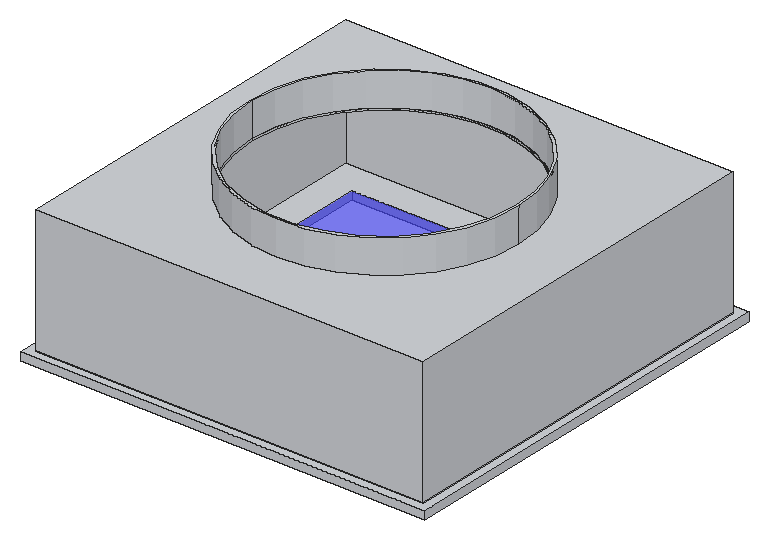
Revit family "DFL", category Air Terminals, Revit 2012
Parameters (values of type "DFL-08-24X24")
  URL = "http://www.innes.com.mx"
  Mínima velocidad de cuello = 0 FPM
  Mínima presión estática = 0.00 in-wg
  Máximo nivel de ruido (NC) = ""
  Máxima velocidad de cuello = 0 FPM
  Máxima presión estática = 0.00 in-wg
  Material = ""
  Manufacturer = "INNES"
  Cuello = ""
  C Int = C - 1" / 8  # 7 7/8"
  C = 8"
  B = 24"
  Altura = 8"
  A = 24"
Types (5): name | URL | Manufacturer | C Int | C | A
  (no name) | "http://www.innes.com.mx" | "INNES" | 7 7/8" | 8" | 24"
  DFL-08-24X24 | "http://www.innes.com.mx" | "INNES" | 7 7/8" | 8" | 24"
  DFL-08-48X24 | 0" | 0" | 7 7/8" | 8" | 48"
  DFL-10-24X24 | 0" | 0" | 9 7/8" | 10" | 24"
  DFL-10-48X24 | 0" | 0" | 9 7/8" | 10" | 48"
Reference planes (in)
  plane 1 "Center (Front/Back)": y = 0
  plane 2: z = 0
  plane 3 "Center (Left/Right)": x = 0
  plane 4: x = -12
  plane 5: x = 12
  plane 6: y = 12
  plane 7: y = -12
  plane 8: x = -11.5
  plane 9 "Lateral 2": y = -11.5
  plane 10: x = 11.5
  plane 11: y = 11.5
  plane 12 "Level 2": z = 0.5
  plane 13 "Level 3": z = 8
  plane 14: x = -11.375
  plane 15: y = 11.375
  plane 16: x = 11.375
  plane 17: y = -11.375
  plane 18: z = 7.875
  plane 19 "Altura C": z = 10
  plane 20: x = -9.5
  plane 21: y = -9.5
  plane 22: x = 9.5
  plane 23: y = 9.5
Forms (in)
  Extrusion 1, solid
    sketch origin (0, 0, 0) x (1, 0, 0) y (0, 1, 0)
      loop
        line (-12, 12) -> (-12, -12) -> (12, -12) -> (12, 12) -> (-12, 12)
      loop
        line (-11.5, 11.5) -> (-11.5, -11.5) -> (11.5, -11.5) -> (11.5, 11.5) -> (-11.5, 11.5)
    from 0 to 0.5
  Extrusion 2, solid
    sketch origin (0, 0, 0.5) x (-1, 0, 0) y (0, -1, 0)
      loop
        line (11.5, -11.5) -> (11.5, 11.5) -> (-11.5, 11.5) -> (-11.5, -11.5) -> (11.5, -11.5)
      loop
        line (-11.375, 11.375) -> (-11.375, -11.375) -> (11.375, -11.375) -> (11.375, 11.375) -> (-11.375, 11.375)
    from 0 to 7.5
  Extrusion 3, solid
    sketch origin (0, -11.5, 0) x (-1, 0, 0) y (0, 0, 1)
      loop
        line (11.5, 8) -> (-11.5, 8) -> (-11.5, 7.875) -> (11.5, 7.875) -> (11.5, 8)
    from 0 to 23
  Extrusion 4, solid
    sketch origin (0, 0, 8) x (-1, 0, 0) y (0, -1, 0)
      loop
        circle (0, 0) r 8
      loop
        circle (0, 0) r 7.875
    from 0 to 2
  Extrusion 5, void
    sketch origin (0, 0, 8) x (-1, 0, 0) y (0, -1, 0)
      loop
        circle (0, 0) r 7.875
    from 0 to -0.125
  Extrusion 6, solid
    sketch origin (0, 0, 0) x (1, 0, 0) y (0, 1, 0)
      loop
        line (-11.5, 11.5) -> (-11.5, -11.5) -> (11.5, -11.5) -> (11.5, 11.5) -> (-11.5, 11.5)
      loop
        line (9.5, -9.5) -> (9.5, 9.5) -> (-9.5, 9.5) -> (-9.5, -9.5) -> (9.5, -9.5)
    from 0 to 0.5
  Extrusion 7, solid, material "Glass"
    sketch origin (0, 0, 0) x (1, 0, 0) y (0, 1, 0)
      loop
        line (-9.5, 9.5) -> (-9.5, -9.5) -> (9.5, -9.5) -> (9.5, 9.5) -> (-9.5, 9.5)
    from 0 to 0.5
Cuts and joins
  Extrusion 5 cuts Extrusion 2
  Extrusion 5 cuts Extrusion 3
  joined: Extrusion 2, Extrusion 3
  Extrusion 5 cuts Extrusion 4
Dimensions and locks (in)
  equal spacing: plane 4, plane 3 "Center (Left/Right)", plane 5
  "B": plane 4 to plane 5
  equal spacing: plane 6, plane 1 "Center (Front/Back)", plane 7
  "A": plane 6 to plane 7
  locked: plane 6 to plane 11 at 0.5
  locked: plane 4 to plane 8 at 0.5
  locked: plane 9 "Lateral 2" to plane 7 at 0.5
  locked: plane 10 to plane 5 at 0.5
  locked: plane 12 "Level 2" to level at 0.5
  "Altura": plane 13 "Level 3" to level
  locked: plane 11 to plane 15 at 0.125
  plane 8 to plane 14 = 1/8"
  plane 16 to plane 10 = 1/8"
  locked: plane 17 to plane 9 "Lateral 2" at 0.125
  locked: plane 13 "Level 3" to plane 18 at 0.125
  locked: plane 19 "Altura C" to plane 13 "Level 3" at 2
  locked: plane 22 to plane 5 at 2.5
  locked: plane 4 to plane 20 at 2.5
  locked: plane 6 to plane 23 at 2.5
  locked: plane 21 to plane 7 at 2.5
  "C": radius of Extrusion 4 sketch curve
  "C Int": radius of Extrusion 4 sketch curve
  "C Int": radius of Extrusion 5 sketch curve
  aligned and locked: plane 2 to level
  aligned and locked: plane 12 "Level 2" to Extrusion 1
  aligned and locked: plane 13 "Level 3" to Extrusion 2
  aligned and locked: plane 11 to Extrusion 3
  aligned and locked: plane 19 "Altura C" to Extrusion 4
  aligned and locked: Extrusion 6 to plane 23
  aligned and locked: plane 20 to Extrusion 6
  aligned and locked: plane 21 to Extrusion 6
  aligned and locked: plane 22 to Extrusion 6
  aligned and locked: plane 10 to Extrusion 6
  aligned and locked: plane 11 to Extrusion 6
  aligned and locked: Extrusion 6 to plane 8
  aligned and locked: Extrusion 6 to plane 9 "Lateral 2"
  aligned and locked: Extrusion 1 to Extrusion 6
  aligned and locked: Extrusion 7 sketch curve to Extrusion 6  (x4)
  aligned and locked: plane 23 to Extrusion 7
  aligned and locked: Extrusion 7 to plane 20
  aligned and locked: Extrusion 7 to plane 21
  aligned and locked: Extrusion 7 to plane 22
  aligned and locked: Extrusion 1 to Extrusion 7
Automatic sketch dimensions
  Extrusion 1 sketch curve to plane 4 = 0"
  Extrusion 1 sketch curve to plane 8 = 0"
  Extrusion 1 sketch curve to plane 10 = 0"
  Extrusion 1 sketch curve to plane 5 = 0"
  Extrusion 1 sketch curve to plane 7 = 0"
  Extrusion 1 sketch curve to plane 9 "Lateral 2" = 0"
  Extrusion 1 sketch curve to plane 11 = 0"
  Extrusion 1 sketch curve to plane 6 = 0"
  Extrusion 2 sketch curve to plane 10 = 0"
  Extrusion 2 sketch curve to plane 15 = 0"
  Extrusion 2 sketch curve to plane 16 = 0"
  Extrusion 2 sketch curve to plane 14 = 0"
  Extrusion 2 sketch curve to plane 8 = 0"
  Extrusion 2 sketch curve to plane 11 = 0"
  Extrusion 2 sketch curve to plane 17 = 0"
  Extrusion 2 sketch curve to plane 9 "Lateral 2" = 0"
  Extrusion 3 sketch curve to plane 10 = 0"
  Extrusion 3 sketch curve to plane 8 = 0"
  Extrusion 3 sketch curve to plane 18 = 0"
  Extrusion 3 sketch curve to plane 13 "Level 3" = 0"
  Extrusion 4 sketch curve to Extrusion 4 sketch curve = 0"  (x2)
  plane 1 "Center (Front/Back)" to Extrusion 4 sketch curve = 0"
  Extrusion 4 sketch curve to plane 3 "Center (Left/Right)" = 0"
  plane 1 "Center (Front/Back)" to Extrusion 5 sketch curve = 0"
  Extrusion 5 sketch curve to plane 3 "Center (Left/Right)" = 0"
  Extrusion 6 sketch curve to plane 8 = 0"
  Extrusion 6 sketch curve to plane 20 = 0"
  plane 22 to Extrusion 6 sketch curve = 0"
  Extrusion 6 sketch curve to plane 9 "Lateral 2" = 0"
  Extrusion 6 sketch curve to plane 10 = 0"
  Extrusion 6 sketch curve to plane 21 = 0"
  Extrusion 6 sketch curve to plane 23 = 0"
  Extrusion 6 sketch curve to plane 11 = 0"
